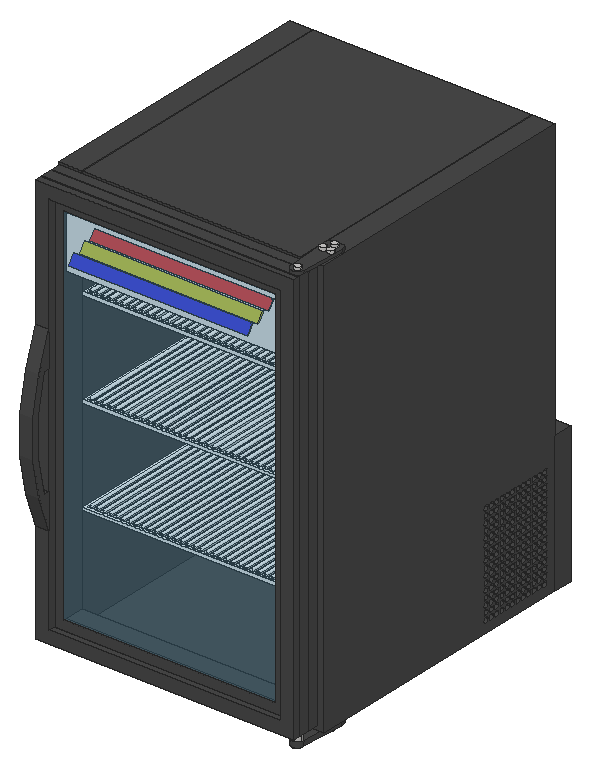
Revit family "QF_TRUE_GDM-06-34-HC~TSL01", category Specialty Equipment, Revit 2016 (continued)
Definition of nested family "GDM-06-34-HC-TSL01"
  Automatic sketch dimensions
    Extrusion 18 sketch curve to Extrusion 18 sketch curve = 0"  (x2)
    Extrusion 18 sketch curve to plane 11 = 0"  (x2)
    Extrusion 18 sketch curve to Extrusion 18 sketch curve = 0.5274"  (x2)
    Extrusion 18 sketch curve to plane 27 = 1.08619"
    plane 8 "Center X" to Extrusion 18 sketch curve = 1.84017"
    plane 26 to Extrusion 18 sketch curve = 2.12487"
    Extrusion 18 sketch curve to plane 26 = 0.62513"
    plane 4 "RIGHT" to Extrusion 19 sketch curve = 0.5843"
    plane 12 to Extrusion 19 sketch curve = 2.41266"
    Extrusion 19 sketch curve to Extrusion 19 sketch curve = 1/2"
    Extrusion 19 sketch curve to Extrusion 19 sketch curve = 0"
    Extrusion 19 sketch curve to Extrusion 19 sketch curve = 0.03058"  (x3)
    plane 4 "RIGHT" to Extrusion 19 sketch curve = 0.08524"
    plane 11 to Extrusion 19 sketch curve = 1.04579"
    plane 4 "RIGHT" to Extrusion 19 sketch curve = 0.29539"
    Extrusion 19 sketch curve to Extrusion 19 sketch curve = 0.49906"
    Extrusion 19 sketch curve to Extrusion 19 sketch curve = 0.4203"
    plane 4 "RIGHT" to Extrusion 20 sketch curve = 1.10407"
    Extrusion 20 sketch curve to Extrusion 20 sketch curve = 0.30962"
    plane 4 "RIGHT" to Extrusion 20 sketch curve = 0.48484"
    plane 12 to Extrusion 20 sketch curve = 1.30231"
    Extrusion 20 sketch curve to Extrusion 20 sketch curve = 0"
    Extrusion 20 sketch curve to Extrusion 20 sketch curve = 0.72941"
    plane 4 "RIGHT" to Extrusion 21 sketch curve = 0.79445"
    plane 11 to Extrusion 21 sketch curve = 1.01521"
    Extrusion 22 sketch curve to plane 23 = 0"
    plane 8 "Center X" to Extrusion 22 sketch curve = 5.49014"
    level to Extrusion 22 sketch curve = 0.17117"
    Extrusion 22 sketch curve to plane 10 = 0.46299"
    Revolve 23 sketch curve to level = 0"
    Revolve 23 sketch curve to plane 23 = 0"
    Revolve 23 sketch curve to plane 23 = 9/32"
    plane 3 "LEFT" to Revolve 23 sketch curve = 3.34359"
    Revolve 23 sketch curve to Revolve 23 sketch curve = 0.30606"
    Revolve 23 sketch curve to Revolve 23 sketch curve = 0.44394"
    Revolve 23 sketch curve to Revolve 23 sketch curve = 0"
    Revolve 23 sketch curve to Revolve 23 sketch curve = 1/2"
    Revolve 23 sketch curve to Revolve 23 sketch curve = 7/32"
    Revolve 24 sketch curve to level = 0"
    Revolve 24 sketch curve to plane 23 = 0"
    Revolve 24 sketch curve to plane 23 = 9/32"
    plane 4 "RIGHT" to Revolve 24 sketch curve = 3.34359"
    Revolve 24 sketch curve to Revolve 24 sketch curve = 0.30606"
    Revolve 24 sketch curve to Revolve 24 sketch curve = 0.44394"
    Revolve 24 sketch curve to Revolve 24 sketch curve = 0"
    Revolve 24 sketch curve to Revolve 24 sketch curve = 7/32"
    Revolve 24 sketch curve to Revolve 24 sketch curve = 1/2"
    plane 1 "BACK" to Extrusion 25 sketch curve = 0"
    Extrusion 25 sketch curve to plane 3 "LEFT" = 0"
    Extrusion 25 sketch curve to plane 4 "RIGHT" = 0"
    Extrusion 25 sketch curve to plane 10 = 0"
    Revolve 26 sketch curve to level = 0"
    Revolve 26 sketch curve to plane 23 = 0"
    Revolve 26 sketch curve to plane 23 = 9/32"
    plane 4 "RIGHT" to Revolve 26 sketch curve = 1 17/32"
    Revolve 26 sketch curve to Revolve 26 sketch curve = 0.30606"
    Revolve 26 sketch curve to Revolve 26 sketch curve = 0.44394"
    Revolve 26 sketch curve to Revolve 26 sketch curve = 0"
    plane 23 to Revolve 26 sketch curve = 7/32"
    Revolve 26 sketch curve to Revolve 26 sketch curve = 1/2"
    Revolve 27 sketch curve to level = 0"
    Revolve 27 sketch curve to plane 23 = 0"
    Revolve 27 sketch curve to plane 23 = 9/32"
    plane 3 "LEFT" to Revolve 27 sketch curve = 1 17/32"
    Revolve 27 sketch curve to Revolve 27 sketch curve = 0.30606"
    Revolve 27 sketch curve to Revolve 27 sketch curve = 0.44394"
    Revolve 27 sketch curve to Revolve 27 sketch curve = 0"
    Revolve 27 sketch curve to level = 1/2"
    plane 23 to Revolve 27 sketch curve = 7/32"
    Extrusion 28 sketch curve to plane 12 = 0"
    plane 4 "RIGHT" to Extrusion 28 sketch curve = 1 25/32"
    Extrusion 28 sketch curve to Extrusion 28 sketch curve = 1/4"  (x3)
    plane 12 to Extrusion 28 sketch curve = 3/16"
    plane 3 "LEFT" to Extrusion 28 sketch curve = 2 1/32"
    Extrusion 28 sketch curve to plane 10 = 2 7/32"
    Extrusion 29 sketch curve to plane 7 "Center Y" = 0"
    plane 28 to Extrusion 29 sketch curve = 1/8"  (x33)
    Extrusion 29 sketch curve to Extrusion 29 sketch curve = 1/2"  (x31)
    plane 7 "Center Y" to Extrusion 29 sketch curve = 1/2"
    Extrusion 30 sketch curve to plane 12 = 0"
    plane 4 "RIGHT" to Extrusion 30 sketch curve = 1 25/32"
    Extrusion 30 sketch curve to Extrusion 30 sketch curve = 1/4"  (x3)
    plane 12 to Extrusion 30 sketch curve = 3/16"
    plane 3 "LEFT" to Extrusion 30 sketch curve = 2 1/32"
    Extrusion 30 sketch curve to plane 10 = 2 7/32"
    Extrusion 31 sketch curve to plane 7 "Center Y" = 0"
    plane 27 to Extrusion 31 sketch curve = 1/8"  (x33)
    Extrusion 31 sketch curve to Extrusion 31 sketch curve = 1/2"  (x31)
    plane 7 "Center Y" to Extrusion 31 sketch curve = 1/2"
    Extrusion 32 sketch curve to plane 12 = 0"
    plane 4 "RIGHT" to Extrusion 32 sketch curve = 1 25/32"
    Extrusion 32 sketch curve to Extrusion 32 sketch curve = 1/4"  (x3)
    plane 12 to Extrusion 32 sketch curve = 3/16"
    plane 3 "LEFT" to Extrusion 32 sketch curve = 2 1/32"
    Extrusion 32 sketch curve to plane 10 = 2 7/32"
    Extrusion 33 sketch curve to plane 7 "Center Y" = 0"
    plane 26 to Extrusion 33 sketch curve = 0.1353"  (x33)
    Extrusion 33 sketch curve to Extrusion 33 sketch curve = 1/2"  (x31)
    plane 7 "Center Y" to Extrusion 33 sketch curve = 1/2"
    curve 4 to plane 3 "LEFT" = 0"
    curve 18 to plane 11 = 0"
    curve 36 to plane 12 = 0"
    curve 34 to plane 10 = 0"
    curve 15 to plane 12 = 0"
    plane 1 "BACK" to curve 5 = 0"
    curve 5 to plane 4 "RIGHT" = 0"
    plane 3 "LEFT" to curve 18 = 9/32"
    plane 5 "FRONT" to curve 24 = 1/32"
    curve 23 to curve 24 = 1"
    plane 3 "LEFT" to curve 1 = 3.51966"
    plane 4 "RIGHT" to curve 9 = 1.50367"
    plane 4 "RIGHT" to curve 9 = 1.29352"
    curve 14 to curve 28 = 0.3996"
    curve 14 to curve 13 = 0.49906"
    curve 14 to curve 27 = 0.21015"
    curve 9 to curve 32 = 0.49906"
    curve 10 to curve 32 = 0"
    curve 13 to curve 13 = 0.4203"
    plane 4 "RIGHT" to curve 30 = 0.48484"
    plane 4 "RIGHT" to curve 11 = 0.29539"
    curve 10 to curve 22 = 0.01414"
    plane 4 "RIGHT" to curve 11 = 0.08524"
    plane 4 "RIGHT" to curve 2 = 0.0133"
    plane 5 "FRONT" to curve 1 = 8.01139"
    curve 32 to curve 2 = 0.42757"
    curve 9 to curve 32 = 0"
    curve 32 to curve 10 = 0.03058"
    plane 12 to curve 30 = 1.30231"
    curve 31 to curve 29 = 0"
    curve 28 to curve 9 = 0.57977"
    curve 29 to curve 11 = 0.57977"
    curve 11 to curve 12 = 0.03058"
    curve 12 to curve 26 = 0.11906"
    curve 36 to plane 12 = 0.30999"
    curve 17 to curve 36 = 1"
    plane 3 "LEFT" to curve 34 = 1 25/32"
    plane 4 "RIGHT" to curve 35 = 1 25/32"
    curve 28 to curve 28 = 1/4"
    curve 20 to curve 10 = 0.02986"
    curve 26 to curve 14 = 0.03985"
    curve 9 to curve 32 = 0.24906"
    curve 28 to curve 30 = 0.11923"
    curve 2 to curve 21 = 1/2"
    radius of Extrusion 8 sketch curve = 1/4"  (x192)
    radius of Extrusion 9 sketch curve = 1/4"  (x192)
    radius of Extrusion 16 sketch curve = 1/4"  (x4)
    radius of Extrusion 20 sketch curve = 1/4"  (x3)
    radius of Extrusion 21 sketch curve = 0.33744"
    radius of Extrusion 29 sketch curve = 1/8"  (x33)
    radius of Extrusion 31 sketch curve = 1/8"  (x33)
    radius of Extrusion 33 sketch curve = 1/8"  (x33)
